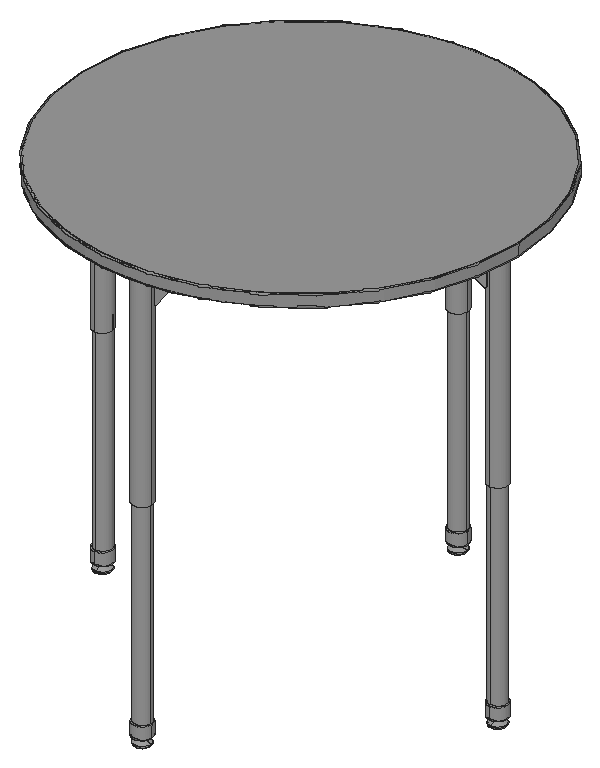
Revit family "Hierarchy Activity 42in Round Table - Standing Height", category Furniture, Revit 2018
Family settings
  Work Plane-Based = No
  Always vertical = Yes
  Cut with Voids When Loaded = No
  Shared = No
  Room Calculation Point = No
Parameters
  Table Height = 3' - 5"
  Surface = Hierarchy Activity 42" Round Table Standing Surface
  Leg Finish = Hierarchy Leg Platinum
  Edgeband = Hierarchy Activity 42" Round Table Standing Edgeband
  Caster/Glide = Hierarchy Standing Leg - Glide : Hierarchy Standing Leg - Glide
Reference planes (in)
  plane 1 "Center (Front/Back)": y = 0
  plane 2: z = 0
  plane 3 "Center (Left/Right)": x = 0
  plane 4: z = 41
Dimensions and locks (in)
  "Table Height": plane 4 to level
  aligned and locked: plane 2 to level
  aligned and locked: nested 1 to plane 4
Nested families (in)
  nested 1: "Activity 42 Round Tabletop" at (0, 0, 17.075), type "Activity 42 Round Tabletop"
  nested 2: "Hierarchy Standing Leg - Glide" at (0, 19, 0), Leg Height <- "Table Height", type <- "Caster/Glide", Leg Finish <- "Leg Finish", type "Hierarchy Standing Leg - Glide"
  nested 3: "Hierarchy Standing Leg - Glide" at (-19, 0, 0) x (0, 1, 0) z (0, 0, 1), type <- "Caster/Glide", Leg Finish <- "Leg Finish", Leg Height <- "Table Height", type "Hierarchy Standing Leg - Glide"
  nested 4: "Hierarchy Standing Leg - Glide" at (0, -19, 0) x (-1, 0, 0) z (0, 0, 1), Leg Finish <- "Leg Finish", Leg Height <- "Table Height", type "Hierarchy Standing Leg - Glide"
  nested 5: "Hierarchy Standing Leg - Glide" at (19, 0, 0) x (0, -1, 0) z (0, 0, 1), Leg Finish <- "Leg Finish", Leg Height <- "Table Height", type "Hierarchy Standing Leg - Glide"
Definition of nested family "Activity 42 Round Tabletop"
  Parameters (values of type "Activity 42 Round Tabletop")
    Surface = none
    Edgeband = none
  Reference planes (in)
    plane 1 "Center (Front/Back)": y = 0
    plane 2: z = 0
    plane 3 "Center (Left/Right)": x = 0
  Forms (in)
    Extrusion 1, solid, material <- "Surface"
      sketch origin (0, 0, 0) x (1, 0, 0) y (0, 1, 0)
        loop
          circle (0, 0) r 20.96393
      from 23.925 to 25.125
    Sweep 2, solid, material <- "Edgeband"
      path origin (0, 0, 0) x (1, 0, 0) y (0, 1, 0)
        loop
          circle (0, 0) r 20.94858
      profile origin (0, -20.94858, 0) x (0, 1, 0) y (0, 0, 1)
        loop
          arc (-0.01535, 25.125) -> (-0.08606, 25.09571) -> (-0.11535, 25.025) r 0.1
          line (-0.11535, 25.025) -> (-0.11535, 24.025)
          arc (-0.11535, 24.025) -> (-0.08606, 23.95429) -> (-0.01535, 23.925) r 0.1
          line (-0.01535, 23.925) -> (-0.01535, 25.125)
  Dimensions and locks (in)
    aligned and locked: plane 2 to level
Definition of nested family "Hierarchy Standing Leg - Glide"
  Parameters (values of type "Hierarchy Standing Leg - Glide")
    Leg Finish [instance] = none
    Leg Height [instance] = 3' - 5"
  Reference planes (in)
    plane 1 "Center (Front/Back)": y = 0
    plane 2: z = 0
    plane 3 "Center (Left/Right)": x = 0
  Forms (in)
    Extrusion 1, solid
      sketch origin (-0.01562, 0, 0) x (1, 0, 0) y (0, 1, 0)
        loop
          circle (0.01563, 0) r 0.79147
      from 2 to 23.175
    Revolve 2, solid
      sketch origin (0, 0, 0) x (1, 0, 0) y (0, 0, 1)
        loop
          line (0, 2) -> (0, 0.74937) -> (0.84838, 0.74937)
          arc (0.84838, 0.74937) -> (0.89342, 0.76803) -> (0.91207, 0.81306) r 0.06369
          line (0.91207, 0.81306) -> (0.91207, 1.93631)
          arc (0.91207, 1.93631) -> (0.89342, 1.98134) -> (0.84838, 2) r 0.06369
          line (0.84838, 2) -> (0, 2)
        axis (0, 2) -> (0, 0.74937)
      angle from 0 to 360
    Revolve 3, solid
      sketch origin (0, 0, 0) x (1, 0, 0) y (0, 0, 1)
        loop
          line (0, 0.75) -> (0, 0) -> (0.74583, 0) -> (0.79147, 0.09013) -> (0.79147, 0.16241) -> (0.12474, 0.5) -> (0.12474, 0.75) -> (0, 0.75)
        axis (0, 0.75) -> (0, 0)
      angle from 0 to 360
  Dimensions and locks (in)
    "Leg Height": nested 1 to level
    aligned and locked: plane 2 to level
  Automatic sketch dimensions
    plane 1 "Center (Front/Back)" to Extrusion 1 sketch curve = 0' - 0"
    Extrusion 1 sketch curve to plane 3 "Center (Left/Right)" = 0' - 0"
    Revolve 2 sketch curve to plane 3 "Center (Left/Right)" = 0' - 0"  (x2)
    plane 3 "Center (Left/Right)" to Revolve 2 sketch curve = 0' - 0.84838"
    Revolve 2 sketch curve to Revolve 2 sketch curve = 0' - 0.84838"
    Revolve 2 sketch curve to Revolve 2 sketch curve = 0' - 0.06369"
    level to Revolve 2 sketch curve = 0' - 0.74937"
    Revolve 2 sketch curve to Revolve 2 sketch curve = 0' - 1.12324"
    Revolve 2 sketch curve to Revolve 2 sketch curve = 0' - 0.13731"
    Revolve 2 sketch curve to Revolve 2 sketch curve = 0' - 0 3/4"
    Revolve 3 sketch curve to plane 3 "Center (Left/Right)" = 0' - 0"  (x2)
    Revolve 3 sketch curve to level = 0' - 0"
    plane 3 "Center (Left/Right)" to Revolve 3 sketch curve = 0' - 0.12474"
    plane 3 "Center (Left/Right)" to Revolve 3 sketch curve = 0' - 0.74583"
    Revolve 3 sketch curve to Revolve 3 sketch curve = 0' - 0.04564"
    level to Revolve 3 sketch curve = 0' - 0.09013"
    Revolve 3 sketch curve to Revolve 3 sketch curve = 0' - 0.07228"
    level to Revolve 3 sketch curve = 0' - 0 1/2"
    Revolve 3 sketch curve to Revolve 3 sketch curve = 0' - 0 1/4"
    Revolve 3 sketch curve to level = 0' - 0 1/8"
    Revolve 3 sketch curve to Revolve 3 sketch curve = 0' - 0 1/8"
    radius of Extrusion 1 sketch curve = 0' - 0.79147"
  Nested families (in)
    nested 1: "Hierarchy Standing Upper Leg 2023" at (0, 0, 0.19983), Leg Finish <- "Leg Finish", type "Hierarchy Standing Upper Leg 2023"
      with Leg Finish none
  Definition of nested family "Hierarchy Standing Upper Leg 2023"
    Parameters (values of type "Hierarchy Standing Upper Leg 2023")
      Leg Finish [instance] = none
    Reference planes (in)
      plane 1 "Center (Front/Back)": y = 0
      plane 2: z = 0
      plane 3 "Center (Left/Right)": x = 0
    Forms (in)
      Extrusion 1, solid, material <- "Leg Finish"
        sketch origin (0, 0, 0) x (1, 0, 0) y (0, 1, 0)
          loop
            circle (0, 0) r 0.9129
        from 20.67418 to 40.67418
      Extrusion 2, solid, material <- "Leg Finish"
        sketch origin (0, 0, 12.998) x (1, 0, 0) y (0, 1, 0)
          loop
            line (-1.70174, 0.19183) -> (-3.96611, -4.49738)
            arc (-3.96611, -4.49738) -> (-3.91977, -5.33444) -> (-3.18615, -5.74016) r 0.86614
            line (-3.18615, -5.74016) -> (3.18615, -5.74016)
            arc (3.18615, -5.74016) -> (3.91977, -5.33444) -> (3.96611, -4.49738) r 0.86614
            line (3.96611, -4.49738) -> (1.70174, 0.19183)
            arc (1.70174, 0.19183) -> (0, 1.25984) -> (-1.70174, 0.19183) r 1.88976
        from 27.67618 to 27.80217
      Extrusion 3, solid, material <- "Leg Finish"
        sketch origin (12.41967, 1.58692, 0) x (0.434844, 0.900506, 0) y (0, 0, 1)
          loop
            arc (-12.68776, 40.67418) -> (-12.80559, 40.56418) -> (-12.70394, 40.43908) r 0.11811
            arc (-12.70394, 40.43908) -> (-9.98192, 39.53509) -> (-7.76426, 37.71614) r 7.87402
            arc (-7.76426, 37.71614) -> (-7.63344, 37.68136) -> (-7.55587, 37.79229) r 0.11811
            line (-7.55587, 37.79229) -> (-7.55587, 40.67418) -> (-12.68776, 40.67418)
        from -11.10976 to -10.98378
      Extrusion 4, solid, material <- "Leg Finish"
        sketch origin (-12.41967, 1.58692, 0) x (-0.434844, 0.900506, 0) y (0, 0, -1)
          loop
            line (-12.68776, -40.67418) -> (-7.55587, -40.67418) -> (-7.55587, -37.79229)
            arc (-7.55587, -37.79229) -> (-7.63344, -37.68136) -> (-7.76426, -37.71614) r 0.11811
            arc (-7.76426, -37.71614) -> (-9.98192, -39.53509) -> (-12.70394, -40.43908) r 7.87402
            arc (-12.70394, -40.43908) -> (-12.80559, -40.56418) -> (-12.68776, -40.67418) r 0.11811
        from -11.10976 to -10.98378
    Dimensions and locks (in)
      aligned and locked: plane 2 to level
